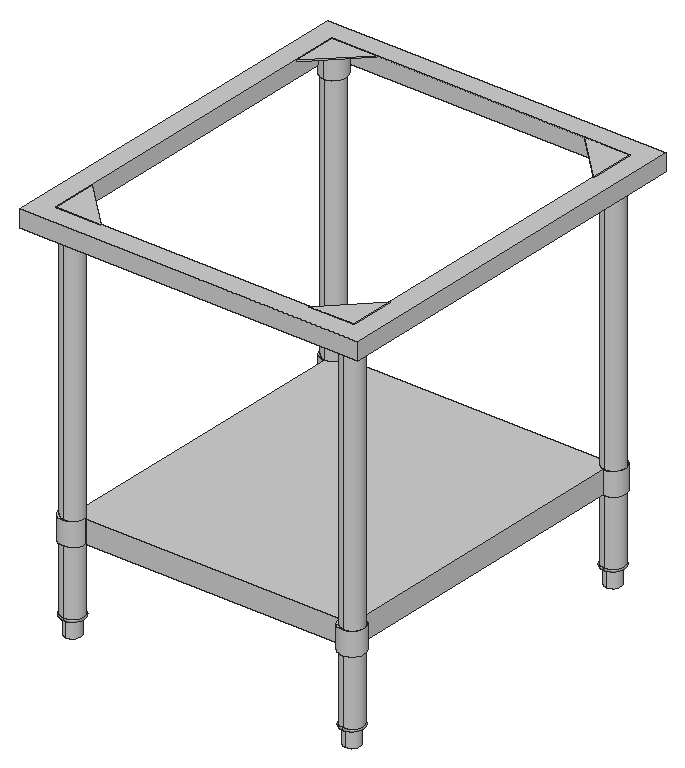
Revit family "QF_COMCATER ALL BRANDS_RCSTD6.201214112629", category Specialty Equipment, Revit 2016
Family settings
  Part Type = Normal
  Round Connector Dimension = Use Diameter
  OmniClass Number = 23.40.40.14
  OmniClass Title = Food Service Equipment
  Work Plane-Based = No
  Always vertical = Yes
  Cut with Voids When Loaded = No
  Shared = No
  Room Calculation Point = No
Parameters (values of type "RCSTD6")
  Weight = 11.00 kg
  URL Cutsheet = ""
  URL = "www.comcater.com.au"
  Status [instance] = ""
  Specification by User [instance] = ""
  Specification by Manufacturer [instance] = ""
  Serial Number = ""
  Seismic Rating = ""
  SMACNA No = ""
  Revision Code [instance] = ""
  NAFEM Spec ID Number = ""
  Model = "RCSTD6"
  Masterspec = ""
  Manufacturer = "TRUEHEAT"
  Length Actual = 600 mm
  Item Number [instance] = ""
  Installed By [instance] = ""
  Identify Quantity as Lot [instance] = no
  Height Actual = 680 mm
  Furnished By [instance] = ""
  Foodservice Equipment Identifier [instance] = no
  Description = "600 MM WIDE STAND"
  Depth Actual = 683 mm
  Cost = 0
  CSI MasterFormat = ""
  Accessory = no
Reference planes
  plane 1 "Center (Front/Back)": y = 0
  plane 2: z = 0
  plane 3 "Center (Left/Right)": x = 0
Dimensions and locks
  aligned and locked: level to plane 2
Nested families
  nested 1: "QF_COMCATER_RCSTD6" at (0, 0, 0), type "RCSTD6"
    with Length Actual 600 mm, Height Actual 680 mm, Depth Actual 683 mm
Definition of nested family "QF_COMCATER_RCSTD6"
  Parameters (values of type "RCSTD6")
    URL = "www.comcater.com.au"
    Model = "RCSTD9"
    Manufacturer = "TRUEHEAT"
    Length Actual [instance] = 600 mm
    Height Actual [instance] = 680 mm
    Description = "WIDE STANDS"
    Depth Actual [instance] = 683 mm
    Assembly Code = "E1090320"
  Reference planes
    plane 1 "Back": y = 0
    plane 2: z = 0
    plane 3 "Left": x = 0
    plane 4 "Right": x = 600
    plane 5 "Front": y = -768
    plane 6 "Top": z = 680
    plane 7 "Stand back": y = -85
    plane 8 "Legs left": x = 52
    plane 9 "Legs right": x = 548
  Forms (mm)
    Extrusion 1, solid
      sketch origin (52, -9, 150) x (1, 0, 0) y (0, 1, 0)
        loop
          line (0, -150) -> (0, -685)
          arc (0, -685) -> (-15.556, -722.556) -> (22, -707) r 22
          line (22, -707) -> (474, -707)
          arc (474, -707) -> (511.556, -722.556) -> (496, -685) r 22
          line (496, -685) -> (496, -150)
          arc (496, -150) -> (511.556, -112.444) -> (474, -128) r 22
          line (474, -128) -> (22, -128)
          arc (22, -128) -> (-15.556, -112.444) -> (0, -150) r 22
        loop
          circle (0, -707) r 19
        loop
          circle (496, -707) r 19
        loop
          circle (496, -128) r 19
        loop
          circle (0, -128) r 19
      from 0 to 40
    Revolve 2, solid
      sketch origin (52, 0, 0) x (0, -1, 0) y (0, 0, 1)
        loop
          line (137, 0) -> (137, 638) -> (118, 638) -> (118, 33)
          arc (118, 33) -> (116.5, 31.5) -> (118, 30) r 1.5
          line (118, 30) -> (123, 30) -> (123, 0) -> (137, 0)
        axis (137, 0) -> (137, 638)
      angle from 0 to 360
    Revolve 3, solid
      sketch origin (52, 0, 0) x (0, -1, 0) y (0, 0, 1)
        loop
          line (716, 0) -> (716, 638) -> (697, 638) -> (697, 33)
          arc (697, 33) -> (695.5, 31.5) -> (697, 30) r 1.5
          line (697, 30) -> (702, 30) -> (702, 0) -> (716, 0)
        axis (716, 0) -> (716, 638)
      angle from 0 to 360
    Extrusion 4, solid
      sketch origin (0, 0, 680) x (0, 1, 0) y (-1, 0, 0)
        loop
          line (-120, -565) -> (-120, -35) -> (-733, -35) -> (-733, -565) -> (-120, -565)
        loop
          line (-85, -600) -> (-85, 0) -> (-768, 0) -> (-768, -600) -> (-85, -600)
      from 0 to -30
    Extrusion 5, solid
      sketch origin (0, 0, 680) x (0, 1, 0) y (-1, 0, 0)
        loop
          line (-120, -35) -> (-200, -35) -> (-120, -115) -> (-120, -35)
        loop
          line (-120, -565) -> (-120, -485) -> (-200, -565) -> (-120, -565)
        loop
          line (-733, -35) -> (-733, -115) -> (-653, -35) -> (-733, -35)
        loop
          line (-733, -565) -> (-653, -565) -> (-733, -485) -> (-733, -565)
      from 0 to -3
    Revolve 6, solid
      sketch origin (548, 0, 0) x (0, -1, 0) y (0, 0, 1)
        loop
          line (137, 0) -> (137, 638) -> (118, 638) -> (118, 33)
          arc (118, 33) -> (116.5, 31.5) -> (118, 30) r 1.5
          line (118, 30) -> (123, 30) -> (123, 0) -> (137, 0)
        axis (137, 0) -> (137, 638)
      angle from 0 to 360
    Revolve 7, solid
      sketch origin (548, 0, 0) x (0, -1, 0) y (0, 0, 1)
        loop
          line (716, 0) -> (716, 638) -> (697, 638) -> (697, 33)
          arc (697, 33) -> (695.5, 31.5) -> (697, 30) r 1.5
          line (697, 30) -> (702, 30) -> (702, 0) -> (716, 0)
        axis (716, 0) -> (716, 638)
      angle from 0 to 360
    Extrusion 8, solid
      sketch origin (0, 100, 680) x (0, 1, 0) y (-1, 0, 0)
        loop
          circle (-816, -52) r 22
        loop
          circle (-816, -548) r 22
        loop
          circle (-237, -548) r 22
        loop
          circle (-237, -52) r 22
      from -3 to -42
  Lines and regions (mm)
    symbolic lines
      curve 1: line (0, -85, 0) -> (600, -85, 0)
      curve 2: line (600, -85, 0) -> (600, -768, 0)
      curve 3: line (600, -768, 0) -> (0, -768, 0)
      curve 4: line (0, -768, 0) -> (0, -85, 0)
  Dimensions and locks
    plane 1 "Back" to plane 5 "Front" = 768 mm
    "Height Actual": plane 6 "Top" to level
    "Length Actual": plane 3 "Left" to plane 4 "Right"
    plane 4 "Right" to plane 3 "Left" = 600 mm
    plane 6 "Top" to level = 680 mm
    "Depth Actual": plane 7 "Stand back" to plane 5 "Front"
    locked: plane 7 "Stand back" to plane 1 "Back" at 85
    locked: plane 3 "Left" to plane 8 "Legs left" at 52
    locked: plane 9 "Legs right" to plane 4 "Right" at 52
    aligned and locked: level to plane 2
  Automatic sketch dimensions
    curve 4 to plane 3 "Left" = 0 mm
    curve 3 to plane 4 "Right" = 0 mm
    curve 3 to plane 5 "Front" = 0 mm
    curve 2 to plane 7 "Stand back" = 0 mm
    Extrusion 1 sketch curve to Extrusion 1 sketch curve = 0 mm  (x8)
    Extrusion 1 sketch curve to plane 8 "Legs left" = 0 mm
    Extrusion 1 sketch curve to plane 9 "Legs right" = 0 mm
    Extrusion 1 sketch curve to Extrusion 1 sketch curve = 22 mm  (x3)
    plane 9 "Legs right" to Extrusion 1 sketch curve = 22 mm
    plane 5 "Front" to Extrusion 1 sketch curve = 52 mm
    Extrusion 1 sketch curve to plane 7 "Stand back" = 74 mm
    Revolve 2 sketch curve to level = 0 mm
    Revolve 2 sketch curve to plane 7 "Stand back" = 33 mm
    Revolve 2 sketch curve to Revolve 2 sketch curve = 5 mm
    Revolve 2 sketch curve to plane 6 "Top" = 42 mm
    Revolve 2 sketch curve to Revolve 2 sketch curve = 19 mm
    level to Revolve 2 sketch curve = 30 mm
    Revolve 2 sketch curve to Revolve 2 sketch curve = 1.5 mm
    Revolve 2 sketch curve to plane 7 "Stand back" = 52 mm
    Revolve 2 sketch curve to Revolve 2 sketch curve = 13 mm
    plane 6 "Top" to Revolve 2 sketch curve = 15 mm
    Revolve 3 sketch curve to level = 0 mm
    level to Revolve 3 sketch curve = 31.5 mm
    plane 5 "Front" to Revolve 3 sketch curve = 71 mm
    Revolve 3 sketch curve to Revolve 3 sketch curve = 5 mm
    Revolve 3 sketch curve to plane 6 "Top" = 42 mm
    Revolve 3 sketch curve to Revolve 3 sketch curve = 19 mm
    Revolve 3 sketch curve to Revolve 3 sketch curve = 1.5 mm
    Revolve 3 sketch curve to Revolve 3 sketch curve = 0 mm
    Revolve 3 sketch curve to Revolve 3 sketch curve = 13 mm
    plane 6 "Top" to Revolve 3 sketch curve = 15 mm
    Extrusion 4 sketch curve to plane 4 "Right" = 0 mm
    Extrusion 4 sketch curve to plane 5 "Front" = 0 mm
    Extrusion 4 sketch curve to plane 7 "Stand back" = 0 mm
    Extrusion 4 sketch curve to plane 3 "Left" = 0 mm
    Extrusion 4 sketch curve to plane 9 "Legs right" = 17 mm
    plane 5 "Front" to Extrusion 4 sketch curve = 35 mm
    Extrusion 4 sketch curve to plane 7 "Stand back" = 35 mm
    plane 8 "Legs left" to Extrusion 4 sketch curve = 17 mm
    plane 8 "Legs left" to Extrusion 5 sketch curve = 17 mm  (x2)
    plane 5 "Front" to Extrusion 5 sketch curve = 35 mm  (x2)
    Extrusion 5 sketch curve to plane 9 "Legs right" = 17 mm  (x2)
    Extrusion 5 sketch curve to Extrusion 5 sketch curve = 80 mm  (x2)
    Extrusion 5 sketch curve to plane 7 "Stand back" = 115 mm  (x2)
    Extrusion 5 sketch curve to plane 7 "Stand back" = 35 mm  (x2)
    plane 9 "Legs right" to Extrusion 5 sketch curve = 63 mm  (x2)
    Extrusion 5 sketch curve to plane 8 "Legs left" = 63 mm  (x2)
    Revolve 6 sketch curve to level = 0 mm
    Revolve 6 sketch curve to plane 7 "Stand back" = 33 mm
    Revolve 6 sketch curve to Revolve 6 sketch curve = 5 mm
    Revolve 6 sketch curve to plane 6 "Top" = 42 mm
    Revolve 6 sketch curve to Revolve 6 sketch curve = 19 mm
    level to Revolve 6 sketch curve = 30 mm
    Revolve 6 sketch curve to Revolve 6 sketch curve = 1.5 mm
    Revolve 6 sketch curve to plane 7 "Stand back" = 52 mm
    Revolve 6 sketch curve to Revolve 6 sketch curve = 13 mm
    plane 6 "Top" to Revolve 6 sketch curve = 15 mm
    Revolve 7 sketch curve to level = 0 mm
    level to Revolve 7 sketch curve = 31.5 mm
    plane 5 "Front" to Revolve 7 sketch curve = 71 mm
    Revolve 7 sketch curve to Revolve 7 sketch curve = 5 mm
    Revolve 7 sketch curve to plane 6 "Top" = 42 mm
    Revolve 7 sketch curve to Revolve 7 sketch curve = 19 mm
    Revolve 7 sketch curve to Revolve 7 sketch curve = 1.5 mm
    Revolve 7 sketch curve to Revolve 7 sketch curve = 0 mm
    Revolve 7 sketch curve to Revolve 7 sketch curve = 13 mm
    plane 6 "Top" to Revolve 7 sketch curve = 15 mm
    Extrusion 8 sketch curve to plane 8 "Legs left" = 0 mm  (x2)
    Extrusion 8 sketch curve to plane 9 "Legs right" = 0 mm  (x2)
    Extrusion 8 sketch curve to plane 7 "Stand back" = 52 mm  (x2)
    plane 5 "Front" to Extrusion 8 sketch curve = 52 mm  (x2)
    radius of Extrusion 1 sketch curve = 19 mm  (x4)
    radius of Extrusion 8 sketch curve = 22 mm  (x4)
